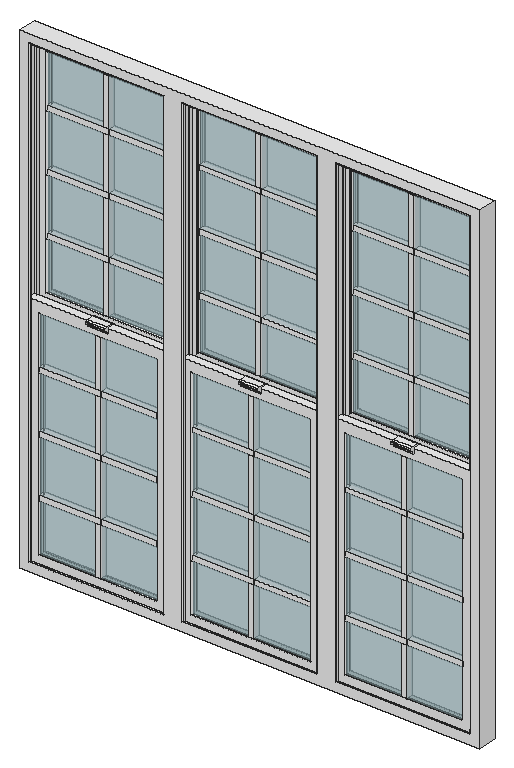
Revit family "Windows_Single-Hung_Milgard_Tuscany-Montecito-Series_Triple-Single-Hung", category Windows, host Wall, Revit 2017
Family settings
  Host = Wall
  OmniClass Number = 23.30.20.17.17.11
  OmniClass Title = Single-Hung Windows
  Always vertical = Yes
  Cut with Voids When Loaded = No
  Shared = No
  Room Calculation Point = No
Parameters (values of type "80" x 60"")
  Youtube clip = "https://www.youtube.com/watch?v=kTycgURMhFo&list=PL_Ow8HQ0-gw77aRiTrPBSI0--vocwVnzV&index=1"
  Weight Net (Kg) = ""
  Uniformat II Description = "Exterior Windows"
  Uniformat II Code = "B2020"
  Uniclass 2015 Name = ""
  Uniclass 2015 Code = ""
  Uniclass 2.0 Description = ""
  Uniclass 2.0 Code = ""
  Uniclass 1.4 Description = ""
  Uniclass 1.4 Code = ""
  URL = "www.milgard.com"
  UNSPSC Code = ""
  U Values URL = "https://www.milgard.com/professionals/energy-calculator"
  Technical description = "https://www.milgard.com/professionals/technical-resources?doc_type%5B%5D=48"
  Style = "Triple Single Hung"  # constant formula
  Sash Division = Height / 2  # 42"
  Rough Width = Width + 1"  # 81"
  Rough Height = Height + 1"  # 85"
  Region South America = "None"
  Region Oceania = "None"
  Region North America = "CA, US"
  Region Middle East = "None"
  Region Europe = "None"
  Region Asia = "None"
  Region Antarctica = "None"
  Region Africa = "None"
  QR code = "http://bimobject.com/milgardwindowsanddoors/product/milgard-001"
  Product url = "http://www.milgard.com/windows/tuscany-series/tuscany-series-single-hung-window"
  Product group = "Tuscany??? Series"
  Product family = "Single-Hung Windows"
  Product data url = "https://bimobject.com/milgardwindowsanddoors/product/milgard-001"
  Product certification = "https://www.milgard.com/learn/why-milgard/sustainability"
  Product SKU = "milgard-001"
  Product Page URL = "https://www.milgard.com/windows/tuscany-series/tuscany-series-single-hung-window#series-styles--wrapper"
  Product Guid = "9f75bdfc-b521-4a0d-af9b-e80957409c86"
  Product Documentation Link = "https://www.milgard.com/professionals/technical-resources"
  OmniClass Description = "Windows"
  OmniClass Code = "23-17 13 00"
  Nominal width = 0"
  Nominal height = 0"
  NBS Reference Description = ""
  NBS Reference Code = ""
  Model = "Tuscany® Series"  # constant formula
  Material secondary = "Glass"
  Material main = "Vinyl"
  Masterformat 2014 Description = "Vinyl Windows"
  Masterformat 2014 Code = "08 53 13"
  Manufacturer name = "Milgard Windows and Doors"
  Manufacturer country = "United States"
  Manufacturer = "® 2017 Milgard Manufacturing, Inc."  # constant formula
  LEED Credit = ""
  Interior Frame Color [instance] = Paint-Milgard-White
  Installation instructions = "https://www.milgard.com/professionals/installation-finishing"
  IFC Classification = ""
  Height = 84"
  Has Grid [instance] = yes
  Hardware Color [instance] = Paint-Milgard-White
  Grid Type = Grid-Milgard : Simulated Divided Lite
  Grid Color [instance] = Paint-Milgard-White
  Green Building LEED = "https://www.milgard.com/sites/default/files/leed.pdf"
  Glass Material [instance] = Glass-Milgard-P516
  Exterior Frame Color [instance] = Paint-Milgard-White
  Energy Star Zone = "https://www.milgard.com/learn/energy-efficient-windows/energy-star"
  Edition number = 1
  EAN code = ""
  Design country = "United States"
  Design Pressure = ""
  Description = "Vinyl Windows"  # constant formula
  Depth = 3 1/4"  # constant formula
  Default Sill Height = 36"
  Wall Closure = By host
  Width = 80"
  Date of publishing = "1/17/2017"
  COBIe Type Category = ""
  Brand url = "http://www.milgard.com/"
  BIMobject category = "Opening Hinge"
  Analytic Construction = "<None>"
Types (3): name | Sash Division | Rough Width | Rough Height | Height | Width
  80" x 60" | 42" | 81" | 85" | 84" | 80"
  60" x 40" | 20" | 61" | 41" | 40" | 60"
  144" x 72" | 37" | 145" | 75" | 74" | 144"
Reference planes (in)
  plane 1 "Center (Front/Back)": y = 0
  plane 2: z = 0
  plane 3 "Center (Left/Right)": x = 0
  plane 4 "Left": x = -40
  plane 5 "Right": x = 40
  plane 6 "Sill": z = 36
  plane 7 "Top": z = 120
  plane 8: z = 78
  plane 9 "Interior": y = -1.625
  plane 10 "Exterior": y = 1.625
  plane 11: z = 76.75
  plane 12: x = 36.875
  plane 13 "Top Muntin": z = 116.875
  plane 14: z = 79.25
  plane 15 "Exterior Grid CL": y = 0.908
  plane 16 "Interior Grid CL": y = -0.743
  plane 17 "Bottom Muntin": z = 39.125
  plane 18: z = 118.779
  plane 19: z = 37.221
  plane 20: x = -36.875
  plane 21: x = -38.779
  plane 22: x = 38.779
  plane 23: z = 77.34619
  plane 24: z = 78.65381
  plane 25: x = -13.33333
  plane 26: x = 13.33333
  plane 27: x = -16.34896
  plane 28: x = -14.43833
  plane 29: x = -10.30208
  plane 30: x = -12.20833
  plane 31: x = 10.30208
  plane 32: x = 16.36458
  plane 33: x = 12.22833
  plane 34: x = 14.45833
Forms (in)
  Sweep 1, solid, material "Paint-Milgard-White" <- "Exterior Frame Color"
    path origin (0, 0, 0) x (1, 0, 0) y (0, 0, 1)
      loop
        line (-40, 36) -> (40, 36) -> (40, 120) -> (-40, 120) -> (-40, 36)
    profile origin (-40, 0, 78) x (-1, 0, 0) y (0, -1, 0)
      loop
        line (-1.72, 1.38) -> (-1.1245, 1.38) -> (-1.1245, 0.025) -> (-1.72, 0.025) -> (-1.72, -0.27) -> (-1.095, -0.27) -> (-1.095, -0.97618) -> (-0.7204, -1.625) -> (0, -1.625) -> (0, 1.625) -> (-1.54679, 1.625) -> (-1.72, 1.525) -> (-1.72, 1.38)
  Sweep 2, solid, material "Paint-Milgard-White" <- "Exterior Frame Color"
    path origin (0, 0, 0) x (1, 0, 0) y (0, 0, 1)
      loop
        line (-13.33333, 36) -> (-13.33333, 120)
    profile origin (-13.33333, 0, 78) x (-1, 0, 0) y (0, -1, 0)
      loop
        line (-1.75, 1.38) -> (-1.3745, 1.38) -> (-1.3745, 0.10548) -> (-1.75, 0.10548) -> (-1.75, -0.27) -> (-1.125, -0.27) -> (-1.125, -1.02266) -> (-0.7504, -1.625) -> (0.7504, -1.625) -> (1.105, -1.05482) -> (1.105, -0.27) -> (1.75, -0.27) -> (1.75, 0.10548) -> (1.3745, 0.10548) -> (1.3745, 1.38) -> (1.75, 1.38) -> (1.75, 1.525) -> (1.57679, 1.625) -> (-1.57679, 1.625) -> (-1.75, 1.525) -> (-1.75, 1.38)
  Sweep 3, solid, material "Paint-Milgard-White" <- "Exterior Frame Color"
    path origin (18.33333, 0, 0) x (1, 0, 0) y (0, 0, 1)
      loop
        line (-5, 36) -> (-5, 120)
    profile origin (13.33333, 0, 78) x (-1, 0, 0) y (0, -1, 0)
      loop
        line (-1.75, 1.38) -> (-1.3745, 1.38) -> (-1.3745, 0.10548) -> (-1.75, 0.10548) -> (-1.75, -0.27) -> (-1.125, -0.27) -> (-1.125, -1.02266) -> (-0.7504, -1.625) -> (0.7504, -1.625) -> (1.105, -1.05482) -> (1.105, -0.27) -> (1.75, -0.27) -> (1.75, 0.10548) -> (1.3745, 0.10548) -> (1.3745, 1.38) -> (1.75, 1.38) -> (1.75, 1.525) -> (1.57679, 1.625) -> (-1.57679, 1.625) -> (-1.75, 1.525) -> (-1.75, 1.38)
  Sweep 4, solid, material "Paint-Milgard-White", detail levels coarse
    path origin (0, 0, 0) x (1, 0, 0) y (0, 0, 1)
      loop
        line (-40, 120) -> (-40, 36) -> (40, 36) -> (40, 120) -> (-40, 120)
    profile origin (0, 0, 120) x (0, 0, 1) y (0, -1, 0)
      loop
        line (0, -1.625) -> (0, 1.625) -> (-1.72, 1.625) -> (-1.72, -1.625) -> (0, -1.625)
  Sweep 5, solid, material "Paint-Milgard-White", detail levels coarse
    path origin (0, 0, 0) x (1, 0, 0) y (0, 0, 1)
      loop
        line (13.33333, 37.221) -> (13.33333, 118.779)
    profile origin (13.33333, 0, 78) x (-1, 0, 0) y (0, -1, 0)
      loop
        line (28.41667, -1.625) -> (28.41667, 1.625) -> (24.91667, 1.625) -> (24.91667, -1.625) -> (28.41667, -1.625)
      loop
        line (1.75, -1.625) -> (1.75, 1.625) -> (-1.75, 1.625) -> (-1.75, -1.625) -> (1.75, -1.625)
Cuts and joins
  joined: Sweep 1, Sweep 2, Sweep 3
  joined: Sweep 4, Sweep 5
Lines and regions (in)
  Opening 1
    outline origin (-60, -1.625, 0) x (1, 0, 0) y (0, 0, 1)
      loop
        line (20, 120) -> (20, 36) -> (100, 36) -> (100, 120) -> (20, 120)
  Masking region 1
    outline origin (0, 1.1585, 36) x (0, -1, 0) y (1, 0, 0)
      loop
        line (-0.4665, -40) -> (2.7835, -40) -> (2.7835, 40) -> (-0.4665, 40) -> (-0.4665, -40)
  symbolic lines
    curve 1: line (-38.28, 1.625, 36) -> (-38.28, -1.625, 36)
    curve 2: line (38.28, 1.625, 36) -> (38.28, -1.625, 36)
    curve 8: line (-15.08333, -1.625, 0) -> (-15.08333, 1.625, 0)
    curve 9: line (-11.58333, -1.625, 0) -> (-11.58333, 1.625, 0)
    curve 11: line (-38.28, 0, 0) -> (-15.08333, 0, 0)
    curve 15: line (-11.58333, 0, 0) -> (11.58333, 0, 0)
    curve 18: line (11.58333, -1.625, 0) -> (11.58333, 1.625, 0)
    curve 19: line (15.08333, -1.625, 0) -> (15.08333, 1.625, 0)
    curve 23: line (15.08333, 0, 0) -> (38.28, 0, 0)
  symbolic lines, detail levels medium+fine
    curve 3: line (-38.28, 1.44922, 36) -> (-15.08333, 1.44922, 36)
    curve 4: line (-38.28, -1.44922, 36) -> (-15.08333, -1.44922, 36)
    curve 6: line (-36.875, 1.44922, 36) -> (-36.875, -1.44922, 36)
    curve 10: line (-16.98714, 1.44922, 0) -> (-16.98714, -1.44922, 0)
    curve 12: line (-11.58333, 1.44922, 0) -> (11.58333, 1.44922, 0)
    curve 13: line (-11.58333, -1.44922, 0) -> (11.58333, -1.44922, 0)
    curve 14: line (-9.67933, 1.44922, 0) -> (-9.67933, -1.44922, 0)
    curve 20: line (9.67953, 1.44922, 0) -> (9.67953, -1.44922, 0)
    curve 21: line (16.98733, 1.44922, 0) -> (16.98733, -1.44922, 0)
    curve 25: line (15.08333, 1.44922, 0) -> (38.28, 1.44922, 0)
    curve 26: line (15.08333, -1.44922, 0) -> (38.28, -1.44922, 0)
    curve 27: line (36.875, 1.44922, 0) -> (36.875, -1.44922, 0)
  symbolic lines, detail levels fine
    curve 5: line (-36.875, 0.908, 36) -> (-16.98714, 0.908, 36)
    curve 7: line (-36.875, -0.743, 36) -> (-16.98714, -0.743, 36)
    curve 16: line (-9.67933, 0.908, 0) -> (9.67953, 0.908, 0)
    curve 17: line (-9.67933, -0.743, 0) -> (9.67953, -0.743, 0)
    curve 22: line (16.98733, 0.908, 0) -> (36.875, 0.908, 0)
    curve 24: line (16.98733, -0.743, 0) -> (36.875, -0.743, 0)
Text (in)
  text "EXTERIOR" at (-81.73802, 20.9526, 0), in view "Ref. Level"
  text "INTERIOR" at (-81.73802, -12.83634, 0), in view "Ref. Level"
  text "Exterior" at (0, 43.65631, 123.19604), in view "Left"
  text "Exterior" at (0, 18.29385, 125.04747), in view "Right"
Dimensions and locks (in)
  equal spacing: plane 4 "Left", plane 3 "Center (Left/Right)", plane 5 "Right"
  "Width": plane 4 "Left" to plane 5 "Right"
  "Height": plane 6 "Sill" to plane 7 "Top"
  "Default Sill Height": plane 2 to plane 6 "Sill"
  "Sash Division": plane 8 to plane 6 "Sill"
  equal spacing: plane 10 "Exterior", plane 1 "Center (Front/Back)", plane 9 "Interior"
  "Depth": plane 10 "Exterior" to plane 9 "Interior"
  locked: plane 12 to plane 5 "Right" at 3.125
  locked: plane 7 "Top" to plane 13 "Top Muntin" at 3.125
  locked: Sweep 1 sketch curve to plane 10 "Exterior" at 3.25
  locked: Sweep 1 to curve 4 at 0.17578
  locked: plane 15 "Exterior Grid CL" to plane 10 "Exterior" at 0.717
  locked: plane 16 "Interior Grid CL" to plane 9 "Interior" at 0.882
  locked: plane 17 "Bottom Muntin" to plane 6 "Sill" at 3.125
  locked: plane 18 to plane 13 "Top Muntin" at 1.904
  locked: plane 17 "Bottom Muntin" to plane 19 at 1.904
  locked: plane 4 "Left" to plane 20 at 3.125
  locked: plane 22 to plane 12 at 1.904
  plane 4 "Left" to plane 20 = 3 1/8"
  locked: plane 21 to plane 20 at 1.904
  locked: plane 4 "Left" to curve 1 at 1.72
  locked: curve 2 to plane 5 "Right" at 1.72
  locked: plane 9 "Interior" to curve 26 at 0.17578
  locked: curve 25 to plane 10 "Exterior" at 0.17578
  equal spacing: plane 4 "Left", plane 25, plane 26, plane 5 "Right"
  plane 14 to plane 24 to plane 8 to plane 23 to plane 11 = 0.59619" locked, 0.65381" locked, 0.65381" locked, 0.59619" locked
  locked: plane 25 to plane 27 at 3.01562
  locked: plane 28 to plane 27 at 1.91062
  locked: plane 29 to plane 25 at 3.03125
  locked: plane 29 to plane 30 at 1.90625
  plane 32 to plane 26 to plane 31 = 3 1/32", 3 1/32" locked
  locked: plane 33 to plane 31 at 1.92625
  locked: plane 32 to plane 34 at 1.90625
  aligned and locked: plane 7 "Top" to Opening 1 sketch curve
  aligned and locked: plane 6 "Sill" to Opening 1 sketch curve  (x2)
  aligned and locked: Opening 1 sketch curve to plane 5 "Right"
  aligned and locked: Opening 1 sketch curve to plane 4 "Left"
  aligned and locked: plane 7 "Top" to Sweep 1 sketch curve
  aligned and locked: Sweep 1 sketch curve to plane 4 "Left"
  aligned and locked: Sweep 1 sketch curve to plane 5 "Right"
  aligned and locked: Sweep 1 sketch curve to plane 6 "Sill"
  aligned and locked: host wall to plane 10 "Exterior"
  aligned: Masking region 1 to Sweep 1  (x4)
  aligned and locked: Sweep 1 to curve 2
  aligned and locked: Sweep 1 to curve 1  (x2)
  aligned and locked: curve 1 to curve 3
  aligned and locked: curve 3 to curve 6
  aligned and locked: curve 4 to curve 6
  aligned and locked: curve 6 to curve 7
  aligned and locked: Masking region 1 sketch curve to plane 4 "Left"
  aligned and locked: plane 5 "Right" to Masking region 1 sketch curve
  aligned and locked: Masking region 1 sketch curve to plane 10 "Exterior"
  aligned and locked: plane 9 "Interior" to Masking region 1 sketch curve
  aligned and locked: curve 6 to plane 20
  aligned and locked: plane 10 "Exterior" to curve 8
  aligned and locked: plane 9 "Interior" to curve 8
  aligned and locked: plane 10 "Exterior" to curve 9
  aligned and locked: plane 9 "Interior" to curve 9
  aligned and locked: curve 3 to curve 10
  aligned and locked: curve 4 to curve 10
  aligned and locked: curve 1 to curve 11
  aligned and locked: plane 1 "Center (Front/Back)" to curve 11
  aligned and locked: curve 2 to curve 25
  aligned and locked: curve 2 to curve 26
  aligned and locked: curve 13 to curve 14
  aligned and locked: curve 2 to curve 23
  aligned and locked: plane 1 "Center (Front/Back)" to curve 15
  aligned and locked: curve 14 to curve 16
  aligned and locked: plane 15 "Exterior Grid CL" to curve 16
  aligned and locked: curve 17 to plane 16 "Interior Grid CL"
  aligned and locked: plane 9 "Interior" to curve 2
  aligned and locked: nested 1 to plane 16 "Interior Grid CL"
  aligned: nested 1 to plane 21
  aligned: plane 19 to nested 1
  aligned: plane 24 to nested 1
  aligned and locked: nested 1 to nested 2  (x2)
  aligned and locked: nested 3 to nested 4  (x2)
  aligned: plane 19 to nested 3
  aligned: plane 24 to nested 3
  aligned: nested 5 to plane 21
  aligned: plane 23 to nested 5
  aligned: plane 23 to nested 6
  aligned: nested 7 to plane 23
  aligned: plane 18 to nested 5
  aligned: plane 18 to nested 6
  aligned: nested 7 to plane 18
  aligned and locked: nested 1 to nested 8  (x4)
  aligned and locked: nested 3 to nested 9  (x4)
  aligned and locked: nested 5 to nested 10  (x4)
  aligned and locked: nested 6 to nested 11  (x4)
  aligned and locked: nested 7 to nested 12  (x4)
  aligned and locked: curve 18 to curve 12
  aligned and locked: curve 19 to curve 25
  aligned and locked: curve 7 to plane 16 "Interior Grid CL"
  aligned and locked: plane 15 "Exterior Grid CL" to curve 5
  aligned and locked: plane 23 to nested 5  (x2)
  aligned and locked: plane 24 to nested 1  (x2)
  aligned and locked: plane 23 to nested 6  (x2)
  aligned and locked: plane 24 to nested 3  (x2)
  aligned and locked: nested 7 to plane 23
  aligned and locked: nested 1 to plane 21
  aligned and locked: nested 5 to plane 21
  aligned and locked: plane 18 to nested 5  (x2)
  aligned and locked: plane 19 to nested 1  (x2)
  aligned and locked: plane 19 to nested 3  (x2)
  aligned: nested 7 to plane 22
  aligned and locked: nested 7 to plane 18
  aligned and locked: plane 18 to nested 6  (x2)
  aligned and locked: nested 7 to plane 22
  aligned and locked: plane 28 to nested 1
  aligned and locked: plane 30 to nested 3
  aligned and locked: plane 28 to nested 5
  aligned and locked: plane 30 to nested 6
  aligned and locked: nested 13 to nested 14  (x2)
  aligned and locked: nested 13 to nested 15  (x4)
  aligned and locked: nested 13 to plane 19  (x2)
  aligned and locked: nested 13 to plane 22
  aligned and locked: nested 13 to plane 24
  aligned and locked: plane 15 "Exterior Grid CL" to nested 7
  aligned and locked: nested 13 to plane 16 "Interior Grid CL"
  aligned and locked: plane 15 "Exterior Grid CL" to nested 6
  aligned and locked: nested 3 to plane 16 "Interior Grid CL"
  aligned and locked: plane 15 "Exterior Grid CL" to nested 5
  aligned and locked: plane 18 to nested 7
  aligned and locked: plane 23 to nested 7
  aligned and locked: nested 14 to plane 24
  aligned and locked: plane 7 "Top" to Sweep 2 sketch curve
  aligned and locked: plane 6 "Sill" to Sweep 2 sketch curve
  aligned and locked: plane 30 to Sweep 2
  aligned and locked: plane 10 "Exterior" to Sweep 3
  aligned and locked: Sweep 3 to plane 33
  aligned and locked: plane 34 to Sweep 3
  aligned and locked: plane 34 to nested 13
  aligned and locked: plane 34 to nested 7
  aligned and locked: plane 33 to nested 3
  aligned and locked: plane 33 to nested 6
  aligned and locked: plane 26 to Sweep 3 sketch curve
  aligned and locked: plane 7 "Top" to Sweep 3 sketch curve
  aligned and locked: plane 6 "Sill" to Sweep 3 sketch curve
  aligned and locked: plane 1 "Center (Front/Back)" to curve 23
  aligned and locked: plane 9 "Interior" to curve 18
  aligned and locked: plane 9 "Interior" to curve 19
  aligned and locked: curve 13 to curve 26
  aligned and locked: curve 27 to plane 12
  aligned and locked: Sweep 4 sketch curve to plane 10 "Exterior"
  aligned and locked: plane 7 "Top" to Sweep 4 sketch curve
  aligned and locked: Sweep 4 sketch curve to cut or joined group of Sweep 1, Sweep 2, Sweep 3
  aligned and locked: Sweep 5 sketch curve to curve 9
  aligned and locked: curve 8 to Sweep 5 sketch curve
  aligned and locked: Sweep 5 sketch curve to plane 10 "Exterior"  (x2)
  aligned and locked: plane 9 "Interior" to Sweep 5 sketch curve  (x2)
  aligned and locked: Sweep 5 sketch curve to curve 19
  aligned and locked: Sweep 5 sketch curve to curve 18
  aligned and locked: plane 19 to Sweep 5 sketch curve
  aligned and locked: plane 18 to Sweep 5 sketch curve
Automatic sketch dimensions
  curve 3 to host wall = 45/256"
  curve 7 to plane 27 = 0.63818"
  curve 5 to plane 27 = 0.63818"
  curve 4 to plane 28 = 0.645"
  curve 3 to plane 28 = 0.645"
  Sweep 1 sketch curve to profile plane = 0"
  profile plane to Sweep 1 sketch curve = 0.7204"
  Sweep 1 sketch curve to plane 1 "Center (Front/Back)" = 0.27"
  profile plane to Sweep 1 sketch curve = 1.095"
  profile plane to Sweep 1 sketch curve = 1.1245"
  Sweep 1 sketch curve to Sweep 1 sketch curve = 0.42229"
  Sweep 1 sketch curve to Sweep 1 sketch curve = 5/8"
  Sweep 1 sketch curve to Sweep 1 sketch curve = 0.17321"
  Sweep 1 sketch curve to Sweep 1 sketch curve = 0.70618"
  Sweep 1 sketch curve to Sweep 1 sketch curve = 0.64882"
  plane 1 "Center (Front/Back)" to Sweep 1 sketch curve = 0.025"
  Sweep 1 sketch curve to Sweep 1 sketch curve = 0.245"
  Sweep 1 sketch curve to Sweep 1 sketch curve = 0.145"
  curve 18 to host wall = 0"
  curve 19 to host wall = 0"
  plane 15 "Exterior Grid CL" to curve 22 = 0"
  curve 24 to plane 16 "Interior Grid CL" = 0"
  curve 10 to plane 27 = 0.63818"
  curve 11 to plane 28 = 0.645"
  plane 30 to curve 9 = 5/8"
  curve 14 to host wall = 45/256"
  plane 29 to curve 14 = 0.62275"
  curve 17 to plane 31 = 0.62256"
  curve 18 to plane 33 = 0.645"
  plane 34 to curve 19 = 5/8"
  plane 32 to curve 22 = 0.62275"
  Sweep 2 sketch curve to plane 25 = 0"
  profile plane to Sweep 2 sketch curve = 1 3/4"
  Sweep 2 sketch curve to plane 1 "Center (Front/Back)" = 0.27"  (x2)
  Sweep 2 sketch curve to Sweep 2 sketch curve = 0"
  Sweep 2 sketch curve to Sweep 2 sketch curve = 0.17321"  (x2)
  Sweep 2 sketch curve to Sweep 2 sketch curve = 0.20229"  (x2)
  Sweep 2 sketch curve to Sweep 2 sketch curve = 0.2495"
  Sweep 2 sketch curve to Sweep 2 sketch curve = 0.3746"
  Sweep 2 sketch curve to profile plane = 0.7504"
  Sweep 2 sketch curve to Sweep 2 sketch curve = 0.3546"
  plane 1 "Center (Front/Back)" to Sweep 2 sketch curve = 27/256"  (x2)
  Sweep 2 sketch curve to Sweep 2 sketch curve = 0.2695"
  Sweep 2 sketch curve to Sweep 2 sketch curve = 0.3755"
  Sweep 2 sketch curve to Sweep 2 sketch curve = 0.75266"
  Sweep 2 sketch curve to plane 1 "Center (Front/Back)" = 1.05482"
  Sweep 2 sketch curve to Sweep 2 sketch curve = 0.57018"
  Sweep 2 sketch curve to Sweep 2 sketch curve = 1.27452"  (x2)
  Sweep 2 sketch curve to Sweep 2 sketch curve = 0.145"  (x2)
  Sweep 2 sketch curve to Sweep 2 sketch curve = 0.1"
  profile plane to Sweep 3 sketch curve = 1 3/4"
  Sweep 3 sketch curve to plane 1 "Center (Front/Back)" = 0.27"  (x2)
  Sweep 3 sketch curve to Sweep 3 sketch curve = 0"
  Sweep 3 sketch curve to Sweep 3 sketch curve = 0.17321"  (x2)
  Sweep 3 sketch curve to Sweep 3 sketch curve = 0.20229"  (x2)
  Sweep 3 sketch curve to Sweep 3 sketch curve = 0.2495"
  Sweep 3 sketch curve to Sweep 3 sketch curve = 0.3746"
  Sweep 3 sketch curve to profile plane = 0.7504"
  Sweep 3 sketch curve to Sweep 3 sketch curve = 0.3546"
  plane 1 "Center (Front/Back)" to Sweep 3 sketch curve = 27/256"  (x2)
  Sweep 3 sketch curve to Sweep 3 sketch curve = 0.2695"
  Sweep 3 sketch curve to Sweep 3 sketch curve = 0.3755"
  Sweep 3 sketch curve to Sweep 3 sketch curve = 0.75266"
  Sweep 3 sketch curve to plane 1 "Center (Front/Back)" = 1.05482"
  Sweep 3 sketch curve to Sweep 3 sketch curve = 0.57018"
  Sweep 3 sketch curve to Sweep 3 sketch curve = 1.27452"  (x2)
  Sweep 3 sketch curve to Sweep 3 sketch curve = 0.145"  (x2)
  Sweep 3 sketch curve to Sweep 3 sketch curve = 0.1"
  plane 4 "Left" to Sweep 4 sketch curve = 0"
  plane 5 "Right" to Sweep 4 sketch curve = 0"
  Sweep 4 sketch curve to plane 6 "Sill" = 0"
  Sweep 4 sketch curve to plane 7 "Top" = 0"
  Sweep 5 sketch curve to plane 26 = 0"
  plane 1 "Center (Front/Back)" to Sweep 4 sketch curve = 1 5/8"
Nested families (in)
  nested 1: "Sash-Milgard-Single _Hung" at (-26.60867, -0.743, 57.9374) x (1, 0, 0) z (0, -1, 0), Sash Color <- "Exterior Frame Color", type "By type"
    with Width 24.34067", Sash Color Paint-Milgard-White, Height 41.43281", Grid Width 20.59067", Grid Height 37.93281", Depth 1 35/128"
  nested 2: "Lock-Streamlined" at (-26.60867, -1.37972, 78.65381), Hardware Color <- "Hardware Color", type "By type", detail levels fine
    with Hardware Color Paint-Milgard-White
  nested 3: "Sash-Milgard-Single _Hung" at (0.01, -0.743, 57.9374) x (1, 0, 0) z (0, -1, 0), Sash Color <- "Exterior Frame Color", type "By type"
    with Width 24.43667", Sash Color Paint-Milgard-White, Height 41.43281", Grid Width 20.68667", Grid Height 37.93281", Depth 1 35/128"
  nested 4: "Lock-Streamlined" at (0.01, -1.37972, 78.65381), Hardware Color <- "Hardware Color", type "By type", detail levels fine
    with Hardware Color Paint-Milgard-White
  nested 5: "Sash-Milgard-Single _Hung" at (-26.60867, 0.908, 98.0626) x (1, 0, 0) z (0, -1, 0), Sash Color <- "Exterior Frame Color", type "By type"
    with Width 24.34067", Sash Color Paint-Milgard-White, Height 41.43281", Grid Width 20.59067", Grid Height 37.93281", Depth 1 35/128"
  nested 6: "Sash-Milgard-Single _Hung" at (0.01, 0.908, 98.0626) x (1, 0, 0) z (0, -1, 0), Sash Color <- "Exterior Frame Color", type "By type"
    with Width 24.43667", Sash Color Paint-Milgard-White, Height 41.43281", Grid Width 20.68667", Grid Height 37.93281", Depth 1 35/128"
  nested 7: "Sash-Milgard-Single _Hung" at (26.61867, 0.908, 98.0626) x (1, 0, 0) z (0, -1, 0), Sash Color <- "Exterior Frame Color", type "By type"
    with Width 24.32067", Sash Color Paint-Milgard-White, Height 41.43281", Grid Width 20.57067", Grid Height 37.93281", Depth 1 35/128"
  nested 8: "Grid-Milgard" at (-26.60867, -0.743, 57.9374) x (1, 0, 0) z (0, -1, 0), type <- "Grid Type", visible <- "Has Grid", Grid Material <- "Grid Color", type "Simulated Divided Lite"
    with Y Single Grid no, Y Multiple Grid yes, Y Grid Spacing 10", Y Grid Qty 3, Y Grid Location 10", Y Grid Array 3, X Single Grid yes, X Multiple Grid no, X Grid Spacing 10", X Grid Qty 1, X Grid Location 0", X Grid Array 2, Width 20.53306", Height 37.62519", Grid Material Paint-Milgard-White
  nested 9: "Grid-Milgard" at (0.01, -0.743, 57.9374) x (1, 0, 0) z (0, -1, 0), type <- "Grid Type", visible <- "Has Grid", Grid Material <- "Grid Color", type "Simulated Divided Lite"
    with Y Single Grid no, Y Multiple Grid yes, Y Grid Spacing 10", Y Grid Qty 3, Y Grid Location 10", Y Grid Array 3, X Single Grid yes, X Multiple Grid no, X Grid Spacing 10", X Grid Qty 1, X Grid Location 0", X Grid Array 2, Width 20.62906", Height 37.62519", Grid Material Paint-Milgard-White
  nested 10: "Grid-Milgard" at (-26.60867, 0.908, 98.0626) x (1, 0, 0) z (0, -1, 0), type <- "Grid Type", visible <- "Has Grid", Grid Material <- "Grid Color", type "Simulated Divided Lite"
    with Y Single Grid no, Y Multiple Grid yes, Y Grid Spacing 10", Y Grid Qty 3, Y Grid Location 10", Y Grid Array 3, X Single Grid yes, X Multiple Grid no, X Grid Spacing 10", X Grid Qty 1, X Grid Location 0", X Grid Array 2, Width 20.53306", Height 37.62519", Grid Material Paint-Milgard-White
  nested 11: "Grid-Milgard" at (0.01, 0.908, 98.0626) x (1, 0, 0) z (0, -1, 0), type <- "Grid Type", visible <- "Has Grid", Grid Material <- "Grid Color", type "Simulated Divided Lite"
    with Y Single Grid no, Y Multiple Grid yes, Y Grid Spacing 10", Y Grid Qty 3, Y Grid Location 10", Y Grid Array 3, X Single Grid yes, X Multiple Grid no, X Grid Spacing 10", X Grid Qty 1, X Grid Location 0", X Grid Array 2, Width 20.62906", Height 37.62519", Grid Material Paint-Milgard-White
  nested 12: "Grid-Milgard" at (26.61867, 0.908, 98.0626) x (1, 0, 0) z (0, -1, 0), type <- "Grid Type", visible <- "Has Grid", Grid Material <- "Grid Color", type "Simulated Divided Lite"
    with Y Single Grid no, Y Multiple Grid yes, Y Grid Spacing 10", Y Grid Qty 3, Y Grid Location 10", Y Grid Array 3, X Single Grid yes, X Multiple Grid no, X Grid Spacing 10", X Grid Qty 1, X Grid Location 0", X Grid Array 2, Width 20.51306", Height 37.62519", Grid Material Paint-Milgard-White
  nested 13: "Sash-Milgard-Single _Hung" at (26.61867, -0.743, 57.9374) x (1, 0, 0) z (0, -1, 0), Sash Color <- "Exterior Frame Color", type "By type"
    with Width 24.32067", Sash Color Paint-Milgard-White, Height 41.43281", Grid Width 20.57067", Grid Height 37.93281", Depth 1 35/128"
  nested 14: "Lock-Streamlined" at (26.61867, -1.37972, 78.65381), Hardware Color <- "Hardware Color", type "By type", detail levels fine
    with Hardware Color Paint-Milgard-White
  nested 15: "Grid-Milgard" at (26.61867, -0.743, 57.9374) x (1, 0, 0) z (0, -1, 0), type <- "Grid Type", visible <- "Has Grid", Grid Material <- "Grid Color", type "Simulated Divided Lite"
    with Y Single Grid no, Y Multiple Grid yes, Y Grid Spacing 10", Y Grid Qty 3, Y Grid Location 10", Y Grid Array 3, X Single Grid yes, X Multiple Grid no, X Grid Spacing 10", X Grid Qty 1, X Grid Location 0", X Grid Array 2, Width 20.51306", Height 37.62519", Grid Material Paint-Milgard-White
Definition of nested family "Sash-Milgard-Single _Hung"
  Parameters (values of type "By type")
    Width [instance] = 48"
    Sash Color [instance] = none
    Height [instance] = 48"
    Grid Width [instance] = Width - 3 3/4"  # 44 1/4"
    Grid Height [instance] = Height - 3 1/2"  # 44 1/2"
    Glass Material = none
    Depth [instance] = 1 35/128"
    Default Elevation = 48"
    Assembly Code = ""
    Analytic Construction = "<None>"
  Reference planes (in)
    plane 1 "Center (Front/Back)": y = 0
    plane 2: z = 0
    plane 3 "Center (Left/Right)": x = 0
    plane 4 "Left": x = -24
    plane 5 "Right": x = 24
    plane 6 "Top": y = 24
    plane 7 "Bottom": y = -24
    plane 8 "Front": z = 0.63672
    plane 9 "Back": z = -0.63672
    plane 10: y = 22.60727
    plane 11: y = -22.60727
    plane 12: x = 22.60727
    plane 13: x = -22.60727
    plane 14 "Grid Plane 1": x = -22.09619
    plane 15 "Grid Plane 2": x = 22.09619
    plane 16 "Grid Plane 3": y = 22.09619
    plane 17 "Grid Plane 4": y = -22.09619
  Forms (in)
    Sweep 1, solid, material <- "Sash Color"
      path origin (0, 0, 0) x (1, 0, 0) y (0, 1, 0)
        loop
          line (-24, 24) -> (-24, -24) -> (24, -24) -> (24, 24) -> (-24, 24)
      profile origin (-24, 0, 0) x (1, 0, 0) y (0, 0, 1)
        loop
          line (0, 0.63672) -> (0, -0.63672) -> (1.80668, -0.63672) -> (1.91032, -0.4572) -> (1.39273, -0.4572) -> (1.39273, 0.48759) -> (1.90381, 0.48759) -> (1.81771, 0.63672) -> (0, 0.63672)
    Extrusion 2, solid, material <- "Glass Material"
      sketch origin (0, 0, 0) x (0, 1, 0) y (0, 0, 1)
        loop
          line (22.60727, 0.48759) -> (-22.60727, 0.48759) -> (-22.60727, 0.36259) -> (22.60727, 0.36259) -> (22.60727, 0.48759)
        loop
          line (22.60727, -0.4572) -> (22.60727, -0.3322) -> (-22.60727, -0.3322) -> (-22.60727, -0.4572) -> (22.60727, -0.4572)
      from -22.60727 to 22.60727
  Dimensions and locks (in)
    equal spacing: plane 4 "Left", plane 3 "Center (Left/Right)", plane 5 "Right"
    "Width": plane 4 "Left" to plane 5 "Right"
    equal spacing: plane 8 "Front", level, plane 9 "Back"
    "Depth": plane 8 "Front" to plane 9 "Back"
    equal spacing: plane 6 "Top", plane 1 "Center (Front/Back)", plane 7 "Bottom"
    "Height": plane 6 "Top" to plane 7 "Bottom"
    Extrusion 2 sketch curve to Sweep 1 = 1/8"  (x2)
    locked: plane 6 "Top" to plane 10 at 1.39273
    locked: plane 11 to plane 7 "Bottom" at 1.39273
    locked: plane 12 to plane 5 "Right" at 1.39273
    locked: plane 4 "Left" to plane 13 at 1.39273
    locked: plane 13 to plane 14 "Grid Plane 1" at 0.51107
    locked: plane 15 "Grid Plane 2" to plane 12 at 0.51107
    locked: plane 10 to plane 16 "Grid Plane 3" at 0.51107
    locked: plane 17 "Grid Plane 4" to plane 11 at 0.51107
    aligned and locked: profile plane to Sweep 1 sketch curve
    aligned and locked: Sweep 1 to plane 8 "Front"
    aligned and locked: Sweep 1 to plane 9 "Back"
    aligned and locked: Sweep 1 sketch curve to plane 6 "Top"
    aligned and locked: Sweep 1 sketch curve to plane 7 "Bottom"
    aligned and locked: Sweep 1 sketch curve to plane 4 "Left"
    aligned and locked: Sweep 1 sketch curve to plane 5 "Right"
    aligned and locked: plane 10 to Extrusion 2  (x2)
    aligned and locked: Extrusion 2 to plane 11  (x2)
    aligned and locked: plane 13 to Extrusion 2
    aligned and locked: plane 12 to Extrusion 2
  Automatic sketch dimensions
    level to Sweep 1 sketch curve = 0.48759"
    Sweep 1 sketch curve to profile plane = 1.39273"
    Sweep 1 sketch curve to level = 163/256"
    Sweep 1 sketch curve to Sweep 1 sketch curve = 0.41395"
    Sweep 1 sketch curve to Sweep 1 sketch curve = 0.42497"
    Sweep 1 sketch curve to Sweep 1 sketch curve = 0.0861"
    Sweep 1 sketch curve to level = 0.4572"
    Sweep 1 sketch curve to Sweep 1 sketch curve = 0.10364"
    Sweep 1 sketch curve to Sweep 1 sketch curve = 0.14913"
    Extrusion 2 sketch curve to plane 11 = 0"  (x2)
    Extrusion 2 sketch curve to plane 10 = 0"  (x2)
    Extrusion 2 sketch curve to Extrusion 2 sketch curve = 1/8"  (x2)
Definition of nested family "Lock-Streamlined"
  Parameters
    Hardware Color [instance] = none
    Default Elevation = 48"
    Assembly Code = ""
  Reference planes (in)
    plane 1 "Center (Front/Back)": y = 0
    plane 2: z = 0
    plane 3 "Center (Left/Right)": x = 0
  Forms (in)
    Extrusion 1, solid, material <- "Hardware Color"
      sketch origin (0, 0, 0) x (0, 1, 0) y (0, 0, 1)
        loop
          line (1.289, 0) -> (1.289, 0.1) -> (1.02348, 0.19834) -> (-0.16402, 0.19834) -> (-0.53109, 0.04253)
          arc (-0.53109, 0.04253) -> (-0.61252, -0.02474) -> (-0.64397, -0.12558) r 0.1853
          arc (-0.64397, -0.12558) -> (-0.60725, -0.24624) -> (-0.49642, -0.30645) r 0.16635
          line (-0.49642, -0.30645) -> (-0.17485, -0.30645)
          arc (-0.17485, -0.30645) -> (-0.13606, -0.32252) -> (-0.12, -0.3613) r 0.05485
          line (-0.12, -0.3613) -> (-0.12, -0.59691) -> (-0.07, -0.86691) -> (0, -0.86691) -> (0, 0) -> (1.289, 0)
      from -1.69 to 1.69
Definition of nested family "Grid-Milgard"
  Parameters
    Y Single Grid [instance] = Y Grid Qty = 1  # no
    Y Multiple Grid [instance] = Y Grid Qty > 1  # yes
    Y Grid Spacing [instance] = 10"
    Y Grid Qty [instance] = if(Height < 15", (Height / Y Grid Spacing), (Height / Y Grid Spacing) - 1)  # 3
    Y Grid Location [instance] = ((Y Grid Qty - 1) * Y Grid Spacing) / 2  # 10"
    Y Grid Array [instance] = if(Y Grid Qty = 1, Y Grid Qty + 1, Y Grid Qty)  # 3
    X Single Grid [instance] = X Grid Qty = 1  # no
    X Multiple Grid [instance] = X Grid Qty > 1  # yes
    X Grid Spacing [instance] = 10"
    X Grid Qty [instance] = if(Width < 15", (Width / X Grid Spacing), (Width / X Grid Spacing) - 1)  # 3
    X Grid Location [instance] = ((X Grid Qty - 1) * X Grid Spacing) / 2  # 10"
    X Grid Array [instance] = if(X Grid Qty = 1, X Grid Qty + 1, X Grid Qty)  # 3
    Width [instance] = 40"
    Height [instance] = 40"
    Grid Option = Grid_Bar-Milgard-Simulated_Divided_Lite : 7/8"
    Grid Material [instance] = none
    Default Elevation = 48"
    Assembly Code = ""
  Reference planes (in)
    plane 1 "Center (Front/Back)": y = 0
    plane 2: z = 0
    plane 3 "Center (Left/Right)": x = 0
    plane 4 "Left": x = -20
    plane 5 "Right": x = 20
    plane 6 "Top": y = 20
    plane 7 "Bottom": y = -20
  Dimensions and locks (in)
    equal spacing: plane 4 "Left", plane 3 "Center (Left/Right)", plane 5 "Right"
    equal spacing: plane 6 "Top", plane 1 "Center (Front/Back)", plane 7 "Bottom"
    "Width": plane 4 "Left" to plane 5 "Right"
    "Height": plane 6 "Top" to plane 7 "Bottom"
    equal spacing: group 1, group 2, group 5  (x3)
    "X Grid Spacing": nested 1 to nested 3
    equal spacing: group 3, group 4, group 6  (x2)
    equal spacing: group 6, group 4, group 3
    "Y Grid Location": plane 1 "Center (Front/Back)" to nested 2
    "Y Grid Spacing": nested 4 to nested 2
    "X Grid Location": nested 1 to plane 3 "Center (Left/Right)"
    aligned and locked: nested 1 to plane 1 "Center (Front/Back)"
    aligned and locked: plane 3 "Center (Left/Right)" to nested 2
    aligned and locked: nested 3 to plane 1 "Center (Front/Back)"
    aligned and locked: plane 1 "Center (Front/Back)" to nested 5
    aligned and locked: plane 4 "Left" to nested 5
    aligned and locked: plane 5 "Right" to nested 5
    aligned and locked: plane 6 "Top" to nested 6
    aligned and locked: plane 3 "Center (Left/Right)" to nested 6
    aligned and locked: plane 4 "Left" to nested 7
    aligned and locked: plane 5 "Right" to nested 7
    aligned and locked: plane 4 "Left" to nested 8
    aligned and locked: plane 5 "Right" to nested 8
    aligned and locked: plane 1 "Center (Front/Back)" to nested 8
    aligned and locked: nested 9 to plane 6 "Top"
    aligned and locked: nested 9 to plane 3 "Center (Left/Right)"
    aligned and locked: plane 1 "Center (Front/Back)" to nested 7
    aligned and locked: nested 10 to plane 6 "Top"
    aligned and locked: nested 10 to plane 3 "Center (Left/Right)"
  Nested families (in)
    nested 1: "Grid_Bar-Milgard-Simulated_Divided_Lite" at (-10, 0, 0) x (0, 1, 0) z (0, 0, 1), Grid Length <- "Height", visible <- "X Multiple Grid", type <- "Grid Option", type "7/8""
      with Grid Length 40"
    nested 2: "Grid_Bar-Milgard-Simulated_Divided_Lite" at (0, 10, 0), Grid Length <- "Width", visible <- "Y Multiple Grid", type <- "Grid Option", type "7/8""
      with Grid Length 40"
    nested 3: "Grid_Bar-Milgard-Simulated_Divided_Lite" at (0, 0, 0) x (0, 1, 0) z (0, 0, 1), Grid Length <- "Height", visible <- "X Multiple Grid", type <- "Grid Option", type "7/8""
      with Grid Length 40"
    nested 4: "Grid_Bar-Milgard-Simulated_Divided_Lite" at (0, 0, 0), Grid Length <- "Width", visible <- "Y Multiple Grid", type <- "Grid Option", type "7/8""
      with Grid Length 40"
    nested 5: "Grid_Bar-Milgard-Simulated_Divided_Lite" at (0, 0, 0), visible <- "Y Single Grid", Grid Length <- "Width", type <- "Grid Option", type "7/8""
      with Grid Length 40"
    nested 6: "Grid_Bar-Milgard-Simulated_Divided_Lite" at (0, 0, 0) x (0, 1, 0) z (0, 0, 1), visible <- "X Single Grid", type <- "Grid Option", Grid Length <- "Height", type "7/8""
      with Grid Length 40"
    nested 7: "Grid_Bar-Milgard-Simulated_Divided_Lite" at (0, 0, 0), visible <- "Y Single Grid", Grid Length <- "Width", type <- "Grid Option", type "7/8""
      with Grid Length 40"
    nested 8: "Grid_Bar-Milgard-Simulated_Divided_Lite" at (0, 0, 0), Grid Length <- "Width", visible <- "Y Single Grid", type <- "Grid Option", type "7/8""
      with Grid Length 40"
    nested 9: "Grid_Bar-Milgard-Simulated_Divided_Lite" at (0, 0, 0) x (0, -1, 0) z (0, 0, 1), Grid Length <- "Height", visible <- "X Single Grid", type <- "Grid Option", type "7/8""
      with Grid Length 40"
    nested 10: "Grid_Bar-Milgard-Simulated_Divided_Lite" at (0, 0, 0) x (0, -1, 0) z (0, 0, 1), visible <- "X Single Grid", Grid Length <- "Height", type <- "Grid Option", type "7/8""
      with Grid Length 40"
    nested 11: "Grid_Bar-Milgard-Simulated_Divided_Lite" at (10, 0, 0) x (0, 1, 0) z (0, 0, 1), Grid Length <- "Height", visible <- "X Multiple Grid", type <- "Grid Option", type "7/8""
      with Grid Length 40"
    nested 12: "Grid_Bar-Milgard-Simulated_Divided_Lite" at (0, -10, 0), Grid Length <- "Width", visible <- "Y Multiple Grid", type <- "Grid Option", type "7/8""
      with Grid Length 40"
  Definition of nested family "Grid_Bar-Milgard-Simulated_Divided_Lite"
    Parameters
      Grid Material = none
      Grid Length [instance] = 46 1/2"
      Grid Height = 7/8"
      Grid Depth = 1 51/256"
      Default Elevation = 48"
      Assembly Code = ""
    Reference planes (in)
      plane 1 "Center (Front/Back)": y = 0
      plane 2: z = 0
      plane 3 "Center (Left/Right)": x = 0
      plane 4 "Left": x = -23.25
      plane 5 "Right": x = 23.25
      plane 6: y = 0.4375
      plane 7: y = -0.4375
      plane 8: z = 0.59961
      plane 9: z = -0.59961
    Forms (in)
      Sweep 1, solid, material <- "Grid Material"
        path origin (0, 0, 0) x (1, 0, 0) y (0, 1, 0)
          loop
            line (-23.25, 0) -> (23.25, 0)
        profile origin (0, 0, 0) x (0, 1, 0) y (0, 0, 1)
          loop
            line (0.4375, 0.59961) -> (-0.4375, 0.59961) -> (-0.4375, -0.59961) -> (0.4375, -0.59961) -> (0.4375, 0.59961)
    Lines and regions (in)
      symbolic lines, detail levels coarse+medium
        curve 1: line (-23.25, 0, 0) -> (23.25, 0, 0)
      symbolic lines, detail levels fine
        curve 2: line (-23.25, 0.4375, 0) -> (23.25, 0.4375, 0)
        curve 3: line (-23.25, -0.4375, 0) -> (23.25, -0.4375, 0)
    Dimensions and locks (in)
      equal spacing: plane 4 "Left", plane 3 "Center (Left/Right)", plane 5 "Right"
      "Grid Length": plane 4 "Left" to plane 5 "Right"
      equal spacing: plane 6, plane 1 "Center (Front/Back)", plane 7
      equal spacing: plane 8, plane 2, plane 9
      "Grid Height": plane 6 to plane 7
      "Grid Depth": plane 8 to plane 9
      aligned and locked: plane 6 to Sweep 1 sketch curve
      aligned and locked: Sweep 1 sketch curve to plane 7
      aligned and locked: Sweep 1 sketch curve to plane 8
      aligned and locked: plane 9 to Sweep 1 sketch curve
      aligned and locked: plane 4 "Left" to curve 1
      aligned and locked: plane 5 "Right" to curve 1
      aligned and locked: plane 1 "Center (Front/Back)" to curve 1
      aligned and locked: plane 4 "Left" to curve 2
      aligned and locked: plane 4 "Left" to curve 3
      aligned and locked: plane 5 "Right" to curve 2
      aligned and locked: plane 5 "Right" to curve 3
      aligned and locked: plane 6 to curve 2
      aligned and locked: plane 7 to curve 3
    Automatic sketch dimensions
      plane 1 "Center (Front/Back)" to Sweep 1 sketch curve = 0"
      Sweep 1 sketch curve to plane 4 "Left" = 0"
      Sweep 1 sketch curve to plane 5 "Right" = 0"
